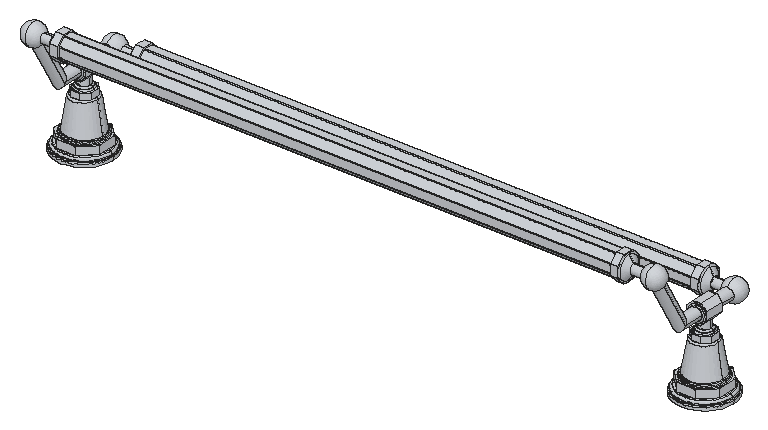
Revit family "Accessory-Towel_Bar-KOHLER-Pinstripe-K-13117_1", category Specialty Equipment, host Face, Revit 2015
Parameters (values of type "CP-Polished Chrome")
  Width = 24"  # constant formula
  WaterSense Certified = 1 = 0  # no
  URL = "https://www.us.kohler.com/us/"
  Type = 1
  Product Page URL = "http://www.us.kohler.com/us/catalog/productDetails.jsp?productNumber=13117"
  Product Name = "Pinstripe"  # constant formula
  Product Documentation Link = "https://www.us.kohler.com/webassets/kpna/catalog/pdf/en/K-13117_spec.pdf"
  Model = if(Type = 1, "K-13117-CP", if(Type = 2, "K-13117-SN", if(Type = 3, "K-13117-BN", "NA")))  # "K-13117-CP"
  Material = "Premium Metal Construction"  # constant formula
  MasterFormat 2004 = "10.28.13"  # constant formula
  MasterFormat 1995 = "10820"  # constant formula
  Manufacturer Address = "444 Highland Dr, Kohler, WI 53044"  # constant formula
  Manufacturer = "KOHLER Co."  # constant formula
  Length = 5 9/16"  # constant formula
  Height = 4 7/8"  # constant formula
  Finish = Kohler-Metal-CP-Polished_Chrome
  Environmental Product Declaration = ""
  Description = "24 Inches Double towel bar"  # constant formula
  Default Elevation = 42"
  Declare Label = ""
  Date Modified = "06/10/2019"  # constant formula
  Date Created = "06/10/2019"  # constant formula
  Copyright = "Copyright KOHLER Co."  # constant formula
  Contact Us = "https://www.us.kohler.com/us/static/contact.jsp"
  Assembly Code = "C1030200"
  ADA Compliant = 1 = 0  # no
Reference planes (in)
  plane 1 "Center (Front/Back)": y = 0
  plane 2: z = 0
  plane 3 "Center (Left/Right)": x = 0
  plane 4: x = 13.125
  plane 5: x = 10.875
  plane 6: y = 1.95019
  plane 7: y = -1.1251
  plane 8: y = -2.92481
  plane 9: y = 1.1251
  plane 10: x = -13.125
  plane 11: x = -13.125
  plane 12: x = -10.875
  plane 13: z = 5.5625
  plane 14: x = 12
  plane 15: x = -12
Dimensions and locks (in)
  plane 11 to plane 4 = 26 1/4"
  "Height": plane 8 to plane 6
  "Length": plane 13 to level
  "Width": plane 15 to plane 14
  aligned and locked: plane 2 to host face
  aligned and locked: level to host face
Automatic sketch dimensions
  host sketch curve to host sketch curve = 96"  (x2)
Nested families (in)
  nested 1: "K-13117" at (0, 0, 0), type "K-13117"
Definition of nested family "K-13117"
  Parameters (values of type "K-13117")
    Material = none
  Reference planes (in)
    plane 1 "Center (Front/Back)": y = 0
    plane 2: z = 0
    plane 3 "Center (Left/Right)": x = 0
    plane 4: x = -13.125
    plane 5: x = 13.125
    plane 6: x = -12
    plane 7: x = 12
    plane 8: z = 5.5625
    plane 9: y = 1.1251
    plane 10: y = -1.1251
    plane 11: y = 1.95019
    plane 12: y = -2.92482
    plane 13: x = -10.875
    plane 14: x = 10.875
  Forms (in)
    Revolve 1, solid, material <- "Material", detail levels medium+fine
      sketch origin (0, 0, 0) x (1, 0, 0) y (0, 0, 1)
        loop
          line (-12, 0) -> (-10.87419, 0) -> (-10.87419, 0.10969)
          arc (-10.87419, 0.10969) -> (-10.88014, 0.12405) -> (-10.8945, 0.13) r 0.02031
          line (-10.8945, 0.13) -> (-10.92535, 0.13)
          arc (-10.92535, 0.13) -> (-10.93935, 0.1358) -> (-10.94514, 0.14979) r 0.01979
          line (-10.94514, 0.14979) -> (-10.94514, 0.1812)
          arc (-10.94514, 0.1812) -> (-10.96395, 0.2362) -> (-11.01251, 0.26816) r 0.08982
          arc (-11.01251, 0.26816) -> (-11.03027, 0.27986) -> (-11.03716, 0.29998) r 0.03286
          line (-11.03716, 0.29998) -> (-11.03716, 0.56622)
          arc (-11.03716, 0.56622) -> (-11.04705, 0.59011) -> (-11.07094, 0.6) r 0.03378
          line (-11.07094, 0.6) -> (-11.17843, 0.6)
          arc (-11.17843, 0.6) -> (-11.19318, 0.60611) -> (-11.19929, 0.62086) r 0.02086
          line (-11.19929, 0.62086) -> (-11.19929, 0.67041)
          arc (-11.19929, 0.67041) -> (-11.20503, 0.68426) -> (-11.21888, 0.69) r 0.01959
          line (-11.21888, 0.69) -> (-11.25432, 0.69)
          arc (-11.25432, 0.69) -> (-11.27324, 0.69693) -> (-11.28321, 0.71443) r 0.02929
          line (-11.28321, 0.71443) -> (-11.47932, 1.88167)
          arc (-11.47932, 1.88167) -> (-11.49474, 1.915) -> (-11.52496, 1.93587) r 0.06967
          line (-11.52496, 1.93587) -> (-11.52496, 2.15991) -> (-11.61072, 2.15991)
          arc (-11.61072, 2.15991) -> (-11.62747, 2.16688) -> (-11.63432, 2.18368) r 0.0236
          arc (-11.63432, 2.18368) -> (-11.64378, 2.21022) -> (-11.6681, 2.22444) r 0.04111
          arc (-11.6681, 2.22444) -> (-11.68893, 2.23545) -> (-11.69963, 2.25644) r 0.03901
          arc (-11.69963, 2.25644) -> (-11.71564, 2.28234) -> (-11.74522, 2.28955) r 0.04012
          arc (-11.74522, 2.28955) -> (-11.76568, 2.29543) -> (-11.77455, 2.31478) r 0.02552
          line (-11.77455, 2.31478) -> (-11.77455, 2.83343) -> (-12, 2.83343) -> (-12, 0)
        axis (-12, 2.83343) -> (-12, 0)
      angle from 0 to 360
    Extrusion 2, void
      sketch origin (0, 0, 0) x (1, 0, 0) y (0, 1, 0)
        loop
          line (-11.57921, 0.17408) -> (-11.82524, 0.42011) -> (-12.17318, 0.42011) -> (-12.41921, 0.17408) -> (-12.41921, -0.17386) -> (-12.17318, -0.41989) -> (-11.82524, -0.41989) -> (-11.57921, -0.17386) -> (-11.57921, 0.17408)
        loop
          circle (-12, 0) r 0.52457
      from 1.93587 to 2.21501
    Extrusion 3, void
      sketch origin (0, 0, 0) x (1, 0, 0) y (0, 1, 0)
        loop
          line (-12.87921, 0.36461) -> (-12.87921, -0.3644) -> (-12.36372, -0.87989) -> (-11.6347, -0.87989) -> (-11.11921, -0.3644) -> (-11.11921, 0.36461) -> (-11.6347, 0.88011) -> (-12.36372, 0.88011) -> (-12.87921, 0.36461)
        loop
          circle (-12, 0) r 1.1251
      from 0.29028 to 0.65053
    Revolve 4, solid, material <- "Material", detail levels medium+fine
      sketch origin (0, 0, 0) x (-1, 0, 0) y (0, 0, 1)
        loop
          line (-12, 0) -> (-10.87419, 0) -> (-10.87419, 0.10969)
          arc (-10.87419, 0.10969) -> (-10.88014, 0.12405) -> (-10.8945, 0.13) r 0.02031
          line (-10.8945, 0.13) -> (-10.92535, 0.13)
          arc (-10.92535, 0.13) -> (-10.93935, 0.1358) -> (-10.94514, 0.14979) r 0.01979
          line (-10.94514, 0.14979) -> (-10.94514, 0.1812)
          arc (-10.94514, 0.1812) -> (-10.96395, 0.2362) -> (-11.01251, 0.26816) r 0.08982
          arc (-11.01251, 0.26816) -> (-11.03027, 0.27986) -> (-11.03716, 0.29998) r 0.03286
          line (-11.03716, 0.29998) -> (-11.03716, 0.56622)
          arc (-11.03716, 0.56622) -> (-11.04705, 0.59011) -> (-11.07094, 0.6) r 0.03378
          line (-11.07094, 0.6) -> (-11.17843, 0.6)
          arc (-11.17843, 0.6) -> (-11.19318, 0.60611) -> (-11.19929, 0.62086) r 0.02086
          line (-11.19929, 0.62086) -> (-11.19929, 0.67041)
          arc (-11.19929, 0.67041) -> (-11.20503, 0.68426) -> (-11.21888, 0.69) r 0.01959
          line (-11.21888, 0.69) -> (-11.25432, 0.69)
          arc (-11.25432, 0.69) -> (-11.27324, 0.69693) -> (-11.28321, 0.71443) r 0.02929
          line (-11.28321, 0.71443) -> (-11.47932, 1.88167)
          arc (-11.47932, 1.88167) -> (-11.49474, 1.915) -> (-11.52496, 1.93587) r 0.06967
          line (-11.52496, 1.93587) -> (-11.52496, 2.15991) -> (-11.61072, 2.15991)
          arc (-11.61072, 2.15991) -> (-11.62747, 2.16688) -> (-11.63432, 2.18368) r 0.0236
          arc (-11.63432, 2.18368) -> (-11.64378, 2.21022) -> (-11.6681, 2.22444) r 0.04111
          arc (-11.6681, 2.22444) -> (-11.68893, 2.23545) -> (-11.69963, 2.25644) r 0.03901
          arc (-11.69963, 2.25644) -> (-11.71564, 2.28234) -> (-11.74522, 2.28955) r 0.04012
          arc (-11.74522, 2.28955) -> (-11.76568, 2.29543) -> (-11.77455, 2.31478) r 0.02552
          line (-11.77455, 2.31478) -> (-11.77455, 2.83343) -> (-12, 2.83343) -> (-12, 0)
        axis (-12, 2.83343) -> (-12, 0)
      angle from 0 to 360
    Extrusion 5, void
      sketch origin (0, 0, 0) x (-1, 0, 0) y (0, -1, 0)
        loop
          line (-11.57921, -0.17408) -> (-11.57921, 0.17386) -> (-11.82524, 0.41989) -> (-12.17318, 0.41989) -> (-12.41921, 0.17386) -> (-12.41921, -0.17408) -> (-12.17318, -0.42011) -> (-11.82524, -0.42011) -> (-11.57921, -0.17408)
        loop
          circle (-12, 0) r 0.52457
      from 1.93587 to 2.21501
    Extrusion 6, void
      sketch origin (0, 0, 0) x (-1, 0, 0) y (0, -1, 0)
        loop
          line (-12.87921, -0.36461) -> (-12.36372, -0.88011) -> (-11.6347, -0.88011) -> (-11.11921, -0.36461) -> (-11.11921, 0.3644) -> (-11.6347, 0.87989) -> (-12.36372, 0.87989) -> (-12.87921, 0.3644) -> (-12.87921, -0.36461)
        loop
          circle (-12, 0) r 1.1251
      from 0.29028 to 0.65053
    Revolve 7, solid, material <- "Material", detail levels medium+fine
      sketch origin (12, 0, 0) x (0, 1, 0) y (0, 0, 1)
        loop
          line (0.44089, 2.915) -> (0.44089, 3.18244)
          arc (0.44089, 3.18244) -> (0.43147, 3.2053) -> (0.40867, 3.21487) r 0.03243
          arc (0.40867, 3.21487) -> (0.38477, 3.22489) -> (0.37489, 3.24885) r 0.03398
          line (0.37489, 3.24885) -> (0.37489, 3.39156) -> (-0.37489, 3.39156) -> (-0.37489, 3.24885)
          arc (-0.37489, 3.24885) -> (-0.38477, 3.22489) -> (-0.40867, 3.21487) r 0.03398
          arc (-0.40867, 3.21487) -> (-0.43147, 3.2053) -> (-0.44089, 3.18244) r 0.03243
          line (-0.44089, 3.18244) -> (-0.44089, 2.915) -> (0.44089, 2.915)
        axis (0.44089, 2.915) -> (-0.44089, 2.915)
      angle from 0 to 360
    Extrusion 8, void
      sketch origin (0, 0, 0) x (1, 0, 0) y (0, 0, 1)
        loop
          line (12.15435, 3.29003) -> (11.84396, 3.28933) -> (11.62497, 3.06935) -> (11.62567, 2.75896) -> (11.84565, 2.53997) -> (12.15604, 2.54067) -> (12.37503, 2.76065) -> (12.37433, 3.07104) -> (12.15435, 3.29003)
        loop
          circle (12, 2.915) r 0.5
      from -0.53575 to 0.44089
    Extrusion 9, void
      sketch origin (0, 0, 0) x (-1, 0, 0) y (0, 0, -1)
        loop
          line (12.15435, -3.29003) -> (12.37433, -3.07104) -> (12.37503, -2.76065) -> (12.15604, -2.54067) -> (11.84565, -2.53997) -> (11.62567, -2.75896) -> (11.62497, -3.06935) -> (11.84396, -3.28933) -> (12.15435, -3.29003)
        loop
          circle (12, -2.915) r 0.5
      from -0.53575 to 0.44089
    Revolve 10, solid, material <- "Material", detail levels medium+fine
      sketch origin (-12, 0, 0) x (0, 1, 0) y (0, 0, -1)
        loop
          line (0.44089, -2.915) -> (-0.44089, -2.915) -> (-0.44089, -3.18244)
          arc (-0.44089, -3.18244) -> (-0.43147, -3.2053) -> (-0.40867, -3.21487) r 0.03243
          arc (-0.40867, -3.21487) -> (-0.38477, -3.22489) -> (-0.37489, -3.24885) r 0.03398
          line (-0.37489, -3.24885) -> (-0.37489, -3.39156) -> (0.37489, -3.39156) -> (0.37489, -3.24885)
          arc (0.37489, -3.24885) -> (0.38477, -3.22489) -> (0.40867, -3.21487) r 0.03398
          arc (0.40867, -3.21487) -> (0.43147, -3.2053) -> (0.44089, -3.18244) r 0.03243
          line (0.44089, -3.18244) -> (0.44089, -2.915)
        axis (0.44089, -2.915) -> (-0.44089, -2.915)
      angle from 0 to 360
    Extrusion 11, solid, material <- "Material", detail levels medium+fine
      sketch origin (0, -0.01758, 0.04272) x (0, 1, 0) y (0, 0, 1)
        loop
          line (-2.24997, 5.46466) -> (-2.58104, 5.46466)
          arc (-2.58104, 5.46466) -> (-2.59748, 5.46139) -> (-2.61142, 5.45207) r 0.04297
          line (-2.61142, 5.45207) -> (-2.84778, 5.21572)
          arc (-2.84778, 5.21572) -> (-2.85709, 5.20178) -> (-2.86036, 5.18533) r 0.04297
          line (-2.86036, 5.18533) -> (-2.86036, 4.85312)
          arc (-2.86036, 4.85312) -> (-2.85709, 4.83668) -> (-2.84778, 4.82274) r 0.04297
          line (-2.84778, 4.82274) -> (-2.6124, 4.58736)
          arc (-2.6124, 4.58736) -> (-2.59846, 4.57804) -> (-2.58201, 4.57477) r 0.04297
          line (-2.58201, 4.57477) -> (-2.24937, 4.57477)
          arc (-2.24937, 4.57477) -> (-2.23293, 4.57804) -> (-2.21899, 4.58736) r 0.04297
          line (-2.21899, 4.58736) -> (-1.98295, 4.8234)
          arc (-1.98295, 4.8234) -> (-1.97356, 4.83745) -> (-1.97026, 4.85403) r 0.04332
          line (-1.97026, 4.85403) -> (-1.97026, 5.18555)
          arc (-1.97026, 5.18555) -> (-1.97353, 5.20199) -> (-1.98284, 5.21593) r 0.04297
          line (-1.98284, 5.21593) -> (-2.21856, 5.45165)
          arc (-2.21856, 5.45165) -> (-2.23297, 5.46128) -> (-2.24997, 5.46466) r 0.04441
      from -10.82913 to 10.69724
    Extrusion 12, solid, material <- "Material", detail levels medium+fine
      sketch origin (0, 3.86825, -2.10508) x (0, 1, 0) y (0, 0, 1)
        loop
          line (-2.24997, 5.46466) -> (-2.58104, 5.46466)
          arc (-2.58104, 5.46466) -> (-2.59748, 5.46139) -> (-2.61142, 5.45207) r 0.04297
          line (-2.61142, 5.45207) -> (-2.84756, 5.21593)
          arc (-2.84756, 5.21593) -> (-2.85688, 5.20199) -> (-2.86015, 5.18555) r 0.04297
          line (-2.86015, 5.18555) -> (-2.86015, 4.85291)
          arc (-2.86015, 4.85291) -> (-2.85688, 4.83646) -> (-2.84756, 4.82252) r 0.04297
          line (-2.84756, 4.82252) -> (-2.6124, 4.58736)
          arc (-2.6124, 4.58736) -> (-2.59846, 4.57804) -> (-2.58201, 4.57477) r 0.04297
          line (-2.58201, 4.57477) -> (-2.24937, 4.57477)
          arc (-2.24937, 4.57477) -> (-2.23293, 4.57804) -> (-2.21899, 4.58736) r 0.04297
          line (-2.21899, 4.58736) -> (-1.98295, 4.8234)
          arc (-1.98295, 4.8234) -> (-1.97356, 4.83745) -> (-1.97026, 4.85403) r 0.04332
          line (-1.97026, 4.85403) -> (-1.97026, 5.18555)
          arc (-1.97026, 5.18555) -> (-1.97353, 5.20199) -> (-1.98284, 5.21593) r 0.04297
          line (-1.98284, 5.21593) -> (-2.21856, 5.45165)
          arc (-2.21856, 5.45165) -> (-2.23297, 5.46128) -> (-2.24997, 5.46466) r 0.04441
      from -10.82913 to 10.69724
    Revolve 13, solid, material <- "Material", detail levels medium+fine
      sketch origin (12, -3.88447, 2.14985) x (0, 1, 0) y (0, 0, 1)
        loop
          line (1.03785, 2.915) -> (1.86252, 2.915)
          arc (1.86252, 2.915) -> (1.45019, 3.32733) -> (1.03785, 2.915) r 0.41233
        axis (1.03785, 2.915) -> (1.86252, 2.915)
      angle from 0 to 360
    Revolve 14, solid, material <- "Material", detail levels medium+fine
      sketch origin (-12, 0.00781, 0) x (0, 1, 0) y (0, 0, -1)
        loop
          arc (1.03785, -2.915) -> (1.45019, -3.32733) -> (1.86252, -2.915) r 0.41233
          line (1.86252, -2.915) -> (1.03785, -2.915)
        axis (1.03785, -2.915) -> (1.86252, -2.915)
      angle from 0 to 360
    Revolve 15, solid, material <- "Material", detail levels medium+fine
      sketch origin (-12, -3.88252, 2.14985) x (0, 1, 0) y (0, 0, -1)
        loop
          arc (1.03785, -2.915) -> (1.45019, -3.32733) -> (1.86252, -2.915) r 0.41233
          line (1.86252, -2.915) -> (1.03785, -2.915)
        axis (1.03785, -2.915) -> (1.86252, -2.915)
      angle from 0 to 360
    Revolve 16, solid, material <- "Material", detail levels medium+fine
      sketch origin (0, -2.43671, 0.04272) x (1, 0, 0) y (0, 0, 1)
        loop
          line (-10.69714, 5.01972) -> (-10.69714, 5.65737) -> (-10.9966, 5.65737) -> (-10.9966, 5.52753)
          arc (-10.9966, 5.52753) -> (-11.00026, 5.49437) -> (-11.01493, 5.46442) r 0.09699
          line (-11.01493, 5.46442) -> (-11.19644, 5.2146)
          arc (-11.19644, 5.2146) -> (-11.20933, 5.20359) -> (-11.22581, 5.19963) r 0.03631
          line (-11.22581, 5.19963) -> (-11.76227, 5.19963) -> (-11.76227, 5.01972) -> (-10.69714, 5.01972)
        axis (-11.76227, 5.01972) -> (-10.69714, 5.01972)
      angle from 0 to 360
    Extrusion 17, void
      sketch origin (0, -0.00961, 0.04272) x (0, 1, 0) y (0, 0, 1)
        loop
          line (-2.2081, 5.51972) -> (-2.62231, 5.51972) -> (-2.9152, 5.22682) -> (-2.9152, 4.81261) -> (-2.62231, 4.51972) -> (-2.2081, 4.51972) -> (-1.9152, 4.81261) -> (-1.9152, 5.22682) -> (-2.2081, 5.51972)
        loop
          circle (-2.41983, 5.02049) r 0.75
      from -11.11921 to -10.69724
    Extrusion 18, void
      sketch origin (0, -0.00961, 0.04272) x (0, 1, 0) y (0, 0, -1)
        loop
          line (-2.2081, -5.51972) -> (-1.9152, -5.22682) -> (-1.9152, -4.81261) -> (-2.2081, -4.51972) -> (-2.62231, -4.51972) -> (-2.9152, -4.81261) -> (-2.9152, -5.22682) -> (-2.62231, -5.51972) -> (-2.2081, -5.51972)
        loop
          circle (-2.41983, -5.02049) r 0.75
      from -11.11921 to -10.69724
    Revolve 19, solid, material <- "Material", detail levels medium+fine
      sketch origin (0, -2.43461, 0.04272) x (-1, 0, 0) y (0, 0, -1)
        loop
          line (-10.69714, -5.01972) -> (-11.76227, -5.01972) -> (-11.76227, -5.19963) -> (-11.22581, -5.19963)
          arc (-11.22581, -5.19963) -> (-11.20933, -5.20359) -> (-11.19644, -5.2146) r 0.03631
          line (-11.19644, -5.2146) -> (-11.01493, -5.46442)
          arc (-11.01493, -5.46442) -> (-11.00026, -5.49437) -> (-10.9966, -5.52753) r 0.09699
          line (-10.9966, -5.52753) -> (-10.9966, -5.65737) -> (-10.69714, -5.65737) -> (-10.69714, -5.01972)
        axis (-11.76227, -5.01972) -> (-10.69714, -5.01972)
      angle from 0 to 360
    Revolve 20, solid, material <- "Material", detail levels medium+fine
      sketch origin (0, 1.45079, -2.11327) x (1, 0, 0) y (0, 0, 1)
        loop
          line (-10.69714, 5.01972) -> (-10.69714, 5.65737) -> (-10.9966, 5.65737) -> (-10.9966, 5.52753)
          arc (-10.9966, 5.52753) -> (-11.00026, 5.49437) -> (-11.01493, 5.46442) r 0.09699
          line (-11.01493, 5.46442) -> (-11.19644, 5.2146)
          arc (-11.19644, 5.2146) -> (-11.20933, 5.20359) -> (-11.22581, 5.19963) r 0.03631
          line (-11.22581, 5.19963) -> (-11.76227, 5.19963) -> (-11.76227, 5.01972) -> (-10.69714, 5.01972)
        axis (-11.76227, 5.01972) -> (-10.69714, 5.01972)
      angle from 0 to 360
    Extrusion 21, void
      sketch origin (0, 3.86539, -2.11327) x (0, 1, 0) y (0, 0, 1)
        loop
          line (-2.2081, 5.51972) -> (-2.62231, 5.51972) -> (-2.9152, 5.22682) -> (-2.9152, 4.81261) -> (-2.62231, 4.51972) -> (-2.2081, 4.51972) -> (-1.9152, 4.81261) -> (-1.9152, 5.22682) -> (-2.2081, 5.51972)
        loop
          circle (-2.41983, 5.02049) r 0.75
      from -11.11921 to -10.69724
    Revolve 22, solid, material <- "Material", detail levels medium+fine
      sketch origin (0, 1.45065, -2.11327) x (-1, 0, 0) y (0, 0, -1)
        loop
          line (-10.69714, -5.01972) -> (-11.76227, -5.01972) -> (-11.76227, -5.19963) -> (-11.22581, -5.19963)
          arc (-11.22581, -5.19963) -> (-11.20933, -5.20359) -> (-11.19644, -5.2146) r 0.03631
          line (-11.19644, -5.2146) -> (-11.01493, -5.46442)
          arc (-11.01493, -5.46442) -> (-11.00026, -5.49437) -> (-10.9966, -5.52753) r 0.09699
          line (-10.9966, -5.52753) -> (-10.9966, -5.65737) -> (-10.69714, -5.65737) -> (-10.69714, -5.01972)
        axis (-11.76227, -5.01972) -> (-10.69714, -5.01972)
      angle from 0 to 360
    Extrusion 23, void
      sketch origin (0, 3.86539, -2.11327) x (0, 1, 0) y (0, 0, -1)
        loop
          line (-2.2081, -5.51972) -> (-1.9152, -5.22682) -> (-1.9152, -4.81261) -> (-2.2081, -4.51972) -> (-2.62231, -4.51972) -> (-2.9152, -4.81261) -> (-2.9152, -5.22682) -> (-2.62231, -5.51972) -> (-2.2081, -5.51972)
        loop
          circle (-2.41983, -5.02049) r 0.75
      from -11.11921 to -10.69724
    Revolve 24, solid, material <- "Material", detail levels medium+fine
      sketch origin (12, 0.00781, 0) x (0, 1, 0) y (0, 0, 1)
        loop
          line (1.03785, 2.915) -> (1.86252, 2.915)
          arc (1.86252, 2.915) -> (1.45019, 3.32733) -> (1.03785, 2.915) r 0.41233
        axis (1.03785, 2.915) -> (1.86252, 2.915)
      angle from 0 to 360
    Sweep 25, solid, material <- "Material", detail levels medium+fine
      path origin (0, 0, 0) x (0, 1, 0) y (0, 0, 1)
        loop
          line (-2.64944, 4.97569) -> (-1.33023, 2.69075) -> (1.67277, 2.69075)
      profile origin (0, 0.17127, 2.69075) x (0, 0, 1) y (1, 0, 0)
        loop
          circle (0.22665, -12) r 0.22744
    Sweep 26, solid, material <- "Material", detail levels medium+fine
      path origin (0, 0, 0) x (0, 1, 0) y (0, 0, -1)
        loop
          line (-2.64944, -4.97569) -> (-1.33023, -2.69075) -> (1.67277, -2.69075)
      profile origin (0, 0.17127, 2.69075) x (0, 0, -1) y (-1, 0, 0)
        loop
          circle (-0.22665, -12) r 0.22744
    Extrusion 27, solid, material <- "Material", detail levels coarse
      sketch origin (0, 0, 0) x (1, 0, 0) y (0, 1, 0)
        loop
          circle (-12, 0) r 1.12581
        loop
          circle (12, 0) r 1.12581
      from 0 to 0.6
    Extrusion 28, solid, material <- "Material", detail levels coarse
      sketch origin (0, 0, 0) x (1, 0, 0) y (0, 1, 0)
        loop
          circle (12, 0) r 0.8017
        loop
          circle (-12, 0) r 0.96431
      from 0 to 2.15991
    Extrusion 29, solid, material <- "Material", detail levels coarse
      sketch origin (0, 0, 0) x (1, 0, 0) y (0, 1, 0)
        loop
          circle (12, 0) r 0.22545
        loop
          circle (-12, 0) r 0.22545
      from 1.93587 to 3.00743
    Sweep 30, solid, material <- "Material", detail levels coarse
      path origin (0, 0.00323, 0.00555) x (0, 1, 0) y (0, 0, 1)
        loop
          line (-2.64944, 4.97569) -> (-1.33023, 2.69075) -> (1.45615, 2.69075)
      profile origin (0, 0.0662, 2.6963) x (0, 0, 1) y (1, 0, 0)
        loop
          circle (0.22602, 12) r 0.22247
    Sweep 31, solid, material <- "Material", detail levels coarse
      path origin (-24.0005, 0.00323, 0.00555) x (0, 1, 0) y (0, 0, 1)
        loop
          line (-2.64944, 4.97569) -> (-1.33023, 2.69075) -> (1.45601, 2.69075)
      profile origin (-24.0005, 0.06613, 2.6963) x (0, 0, 1) y (1, 0, 0)
        loop
          circle (0.22602, 12) r 0.22247
    Extrusion 32, solid, material <- "Material", detail levels coarse
      sketch origin (0, 0, 0) x (1, 0, 0) y (0, 0, 1)
        loop
          circle (-12.0005, 2.92232) r 0.4043
        loop
          circle (12.0005, 2.92232) r 0.4043
      from -0.42011 to 0.41989
    Extrusion 33, solid, material <- "Material", detail levels coarse
      sketch origin (0, 0, 0) x (0, 1, 0) y (0, 0, 1)
        loop
          circle (-2.43671, 5.06244) r 0.47632
        loop
          circle (1.45065, 2.90645) r 0.48449
      from -10.9966 to 10.9966
    Extrusion 34, solid, material <- "Material", detail levels coarse
      sketch origin (0, 0, 0) x (0, 1, 0) y (0, 0, 1)
        loop
          circle (-2.43671, 5.06244) r 0.25
        loop
          circle (1.44766, 2.89707) r 0.25
      from -12.23398 to 12.2327
  Cuts and joins
    Extrusion 2, Extrusion 3, Extrusion 5, Extrusion 6 cuts Revolve 1
    Extrusion 5, Extrusion 6, Extrusion 9 cuts Revolve 4
    Extrusion 8, Extrusion 9 cuts Revolve 7
    Extrusion 9 cuts Revolve 10
    Extrusion 17, Extrusion 18 cuts Revolve 16
    Extrusion 18 cuts Revolve 19
    Extrusion 21 cuts Revolve 20
    Extrusion 23 cuts Revolve 22
    joined: Revolve 1, Revolve 4, Revolve 7, Revolve 10, Extrusion 11, Extrusion 12, Revolve 13, Revolve 14, Revolve 15, Revolve 16, Revolve 19, Revolve 20, Revolve 22, Revolve 24, Sweep 25, Sweep 26
    joined: Extrusion 27, Extrusion 28, Extrusion 29, Sweep 30, Sweep 31, Extrusion 32, Extrusion 33, Extrusion 34
  Lines and regions (in)
    Masking region 1
      outline origin (0, 0, 0) x (0, 1, 0) y (0, 0, 1)
        loop
          line (1.12581, 0) -> (1.12581, 0.10969)
          arc (1.12581, 0.10969) -> (1.11986, 0.12405) -> (1.1055, 0.13) r 0.02031
          line (1.1055, 0.13) -> (1.07465, 0.13)
          arc (1.07465, 0.13) -> (1.06065, 0.1358) -> (1.05486, 0.14979) r 0.01979
          line (1.05486, 0.14979) -> (1.05486, 0.1812)
          arc (1.05486, 0.1812) -> (1.03605, 0.2362) -> (0.98749, 0.26816) r 0.08982
          arc (0.98749, 0.26816) -> (0.97302, 0.27621) -> (0.96431, 0.29028) r 0.03286
          line (0.96431, 0.29028) -> (0.88011, 0.29028) -> (0.88011, 0.57135)
          arc (0.88011, 0.57135) -> (0.85623, 0.57627) -> (0.83227, 0.58071) r 1.2178
          arc (0.83227, 0.58071) -> (0.80938, 0.59836) -> (0.80071, 0.62594) r 0.0482
          line (0.80071, 0.62594) -> (0.80071, 0.67041)
          arc (0.80071, 0.67041) -> (0.79497, 0.68426) -> (0.78112, 0.69) r 0.01959
          line (0.78112, 0.69) -> (0.74568, 0.69)
          arc (0.74568, 0.69) -> (0.72676, 0.69693) -> (0.71679, 0.71443) r 0.02929
          line (0.71679, 0.71443) -> (0.52068, 1.88167)
          arc (0.52068, 1.88167) -> (0.50526, 1.915) -> (0.47504, 1.93587) r 0.06967
          line (0.47504, 1.93587) -> (0.42011, 1.93587) -> (0.42011, 2.15991) -> (0.38928, 2.15991)
          arc (0.38928, 2.15991) -> (0.37253, 2.16688) -> (0.36568, 2.18368) r 0.0236
          arc (0.36568, 2.18368) -> (0.35622, 2.21022) -> (0.3319, 2.22444) r 0.04111
          arc (0.3319, 2.22444) -> (0.31107, 2.23545) -> (0.30037, 2.25644) r 0.03901
          arc (0.30037, 2.25644) -> (0.28436, 2.28234) -> (0.25478, 2.28955) r 0.04012
          arc (0.25478, 2.28955) -> (0.23432, 2.29543) -> (0.22545, 2.31478) r 0.02552
          line (0.22545, 2.31478) -> (0.22545, 2.53997) -> (0.37358, 2.53997)
          arc (0.37358, 2.53997) -> (0.3815, 2.57343) -> (0.38669, 2.60743) r 0.42368
          arc (0.38669, 2.60743) -> (0.39944, 2.61964) -> (0.41652, 2.62408) r 0.03504
          arc (0.41652, 2.62408) -> (0.43375, 2.63122) -> (0.44089, 2.64846) r 0.02438
          line (0.44089, 2.64846) -> (0.44089, 2.68997) -> (0.95956, 2.68997) -> (1.24308, 2.40645) -> (1.65729, 2.40645) -> (1.95019, 2.69934) -> (1.95019, 3.11356) -> (1.65729, 3.40645) -> (1.24308, 3.40645) -> (0.95983, 3.1232) -> (0.44089, 3.1232) -> (0.44089, 3.18635)
          arc (0.44089, 3.18635) -> (0.43375, 3.20358) -> (0.41652, 3.21072) r 0.02438
          arc (0.41652, 3.21072) -> (0.39944, 3.21517) -> (0.38669, 3.22738) r 0.03504
          arc (0.38669, 3.22738) -> (0.38204, 3.25857) -> (0.37508, 3.28933) r 0.42368
          line (0.37508, 3.28933) -> (-0.37508, 3.28933)
          arc (-0.37508, 3.28933) -> (-0.38204, 3.25857) -> (-0.38669, 3.22738) r 0.42368
          arc (-0.38669, 3.22738) -> (-0.39944, 3.21517) -> (-0.41652, 3.21072) r 0.03504
          arc (-0.41652, 3.21072) -> (-0.43375, 3.20358) -> (-0.44089, 3.18635) r 0.02438
          line (-0.44089, 3.18635) -> (-0.44089, 3.14484) -> (-1.06809, 3.14484) -> (-2.00776, 4.77239) -> (-1.92482, 4.85533) -> (-1.92482, 5.26955) -> (-2.21771, 5.56244) -> (-2.63192, 5.56244) -> (-2.92482, 5.26955) -> (-2.92482, 4.85533) -> (-2.63192, 4.56244) -> (-2.41175, 4.56244) -> (-1.33068, 2.68997) -> (-0.44089, 2.68997) -> (-0.44089, 2.64846)
          arc (-0.44089, 2.64846) -> (-0.43375, 2.63122) -> (-0.41652, 2.62408) r 0.02438
          arc (-0.41652, 2.62408) -> (-0.39944, 2.61964) -> (-0.38669, 2.60743) r 0.03504
          arc (-0.38669, 2.60743) -> (-0.3815, 2.57343) -> (-0.37358, 2.53997) r 0.42368
          line (-0.37358, 2.53997) -> (-0.22545, 2.53997) -> (-0.22545, 2.31478)
          arc (-0.22545, 2.31478) -> (-0.23432, 2.29543) -> (-0.25478, 2.28955) r 0.02552
          arc (-0.25478, 2.28955) -> (-0.28436, 2.28234) -> (-0.30037, 2.25644) r 0.04012
          arc (-0.30037, 2.25644) -> (-0.31107, 2.23545) -> (-0.3319, 2.22444) r 0.03901
          arc (-0.3319, 2.22444) -> (-0.35622, 2.21022) -> (-0.36568, 2.18368) r 0.04111
          arc (-0.36568, 2.18368) -> (-0.37253, 2.16688) -> (-0.38928, 2.15991) r 0.0236
          line (-0.38928, 2.15991) -> (-0.42011, 2.15991) -> (-0.42011, 1.93587) -> (-0.47504, 1.93587)
          arc (-0.47504, 1.93587) -> (-0.50526, 1.915) -> (-0.52068, 1.88167) r 0.06967
          line (-0.52068, 1.88167) -> (-0.71679, 0.71443)
          arc (-0.71679, 0.71443) -> (-0.72676, 0.69693) -> (-0.74568, 0.69) r 0.02929
          line (-0.74568, 0.69) -> (-0.78112, 0.69)
          arc (-0.78112, 0.69) -> (-0.79497, 0.68426) -> (-0.80071, 0.67041) r 0.01959
          line (-0.80071, 0.67041) -> (-0.80071, 0.62594)
          arc (-0.80071, 0.62594) -> (-0.80938, 0.59836) -> (-0.83227, 0.58071) r 0.0482
          arc (-0.83227, 0.58071) -> (-0.85623, 0.57627) -> (-0.88011, 0.57135) r 1.2178
          line (-0.88011, 0.57135) -> (-0.88011, 0.29028) -> (-0.96431, 0.29028)
          arc (-0.96431, 0.29028) -> (-0.97302, 0.27621) -> (-0.98749, 0.26816) r 0.03286
          arc (-0.98749, 0.26816) -> (-1.03605, 0.2362) -> (-1.05486, 0.1812) r 0.08982
          line (-1.05486, 0.1812) -> (-1.05486, 0.14979)
          arc (-1.05486, 0.14979) -> (-1.06065, 0.1358) -> (-1.07465, 0.13) r 0.01979
          line (-1.07465, 0.13) -> (-1.1055, 0.13)
          arc (-1.1055, 0.13) -> (-1.11986, 0.12405) -> (-1.12581, 0.10969) r 0.02031
          line (-1.12581, 0.10969) -> (-1.12581, 0) -> (1.12581, 0)
    Masking region 2
      outline origin (0, 0, 0) x (1, 0, 0) y (0, 0, 1)
        loop
          line (13.125, 0) -> (13.125, 0.10969)
          arc (13.125, 0.10969) -> (13.11905, 0.12405) -> (13.10469, 0.13) r 0.02031
          line (13.10469, 0.13) -> (13.07384, 0.13)
          arc (13.07384, 0.13) -> (13.05985, 0.1358) -> (13.05405, 0.14979) r 0.01979
          line (13.05405, 0.14979) -> (13.05405, 0.1812)
          arc (13.05405, 0.1812) -> (13.03524, 0.2362) -> (12.98668, 0.26816) r 0.08982
          arc (12.98668, 0.26816) -> (12.97221, 0.27621) -> (12.9635, 0.29028) r 0.03286
          line (12.9635, 0.29028) -> (12.88011, 0.29028) -> (12.88011, 0.57135)
          arc (12.88011, 0.57135) -> (12.85623, 0.57627) -> (12.83227, 0.58071) r 1.2178
          arc (12.83227, 0.58071) -> (12.80938, 0.59836) -> (12.80071, 0.62594) r 0.0482
          line (12.80071, 0.62594) -> (12.80071, 0.67041)
          arc (12.80071, 0.67041) -> (12.79497, 0.68426) -> (12.78112, 0.69) r 0.01959
          line (12.78112, 0.69) -> (12.74568, 0.69)
          arc (12.74568, 0.69) -> (12.72676, 0.69693) -> (12.71679, 0.71443) r 0.02929
          line (12.71679, 0.71443) -> (12.52068, 1.88167)
          arc (12.52068, 1.88167) -> (12.50526, 1.915) -> (12.47504, 1.93587) r 0.06967
          line (12.47504, 1.93587) -> (12.42011, 1.93587) -> (12.42011, 2.15991) -> (12.38928, 2.15991)
          arc (12.38928, 2.15991) -> (12.37253, 2.16688) -> (12.36568, 2.18368) r 0.0236
          arc (12.36568, 2.18368) -> (12.35622, 2.21022) -> (12.3319, 2.22444) r 0.04111
          arc (12.3319, 2.22444) -> (12.31107, 2.23545) -> (12.30037, 2.25644) r 0.03901
          arc (12.30037, 2.25644) -> (12.28436, 2.28234) -> (12.25478, 2.28955) r 0.04012
          arc (12.25478, 2.28955) -> (12.23432, 2.29543) -> (12.22545, 2.31478) r 0.02552
          line (12.22545, 2.31478) -> (12.22545, 2.56974)
          arc (12.22545, 2.56974) -> (12.41282, 2.91412) -> (12.2274, 3.25956) r 0.41231
          line (12.2274, 3.25956) -> (12.2274, 4.72084)
          arc (12.2274, 4.72084) -> (12.27354, 5.3793) -> (11.62783, 5.24236) r 0.4133
          line (11.62783, 5.24236) -> (11.22644, 5.24236)
          arc (11.22644, 5.24236) -> (11.20933, 5.24647) -> (11.19594, 5.2579) r 0.0377
          line (11.19594, 5.2579) -> (11.01495, 5.50702)
          arc (11.01495, 5.50702) -> (11.00141, 5.53333) -> (10.99642, 5.5625) r 0.09706
          line (10.99642, 5.5625) -> (10.69714, 5.5625) -> (10.69714, 5.50738) -> (-10.69633, 5.50738) -> (-10.69633, 5.5625) -> (-10.99561, 5.5625)
          arc (-10.99561, 5.5625) -> (-11.0006, 5.53333) -> (-11.01414, 5.50702) r 0.09706
          line (-11.01414, 5.50702) -> (-11.19514, 5.2579)
          arc (-11.19514, 5.2579) -> (-11.20852, 5.24647) -> (-11.22564, 5.24236) r 0.0377
          line (-11.22564, 5.24236) -> (-11.62702, 5.24236)
          arc (-11.62702, 5.24236) -> (-12.27273, 5.3793) -> (-12.22659, 4.72084) r 0.4133
          line (-12.22659, 4.72084) -> (-12.22659, 3.25956)
          arc (-12.22659, 3.25956) -> (-12.41201, 2.91412) -> (-12.22464, 2.56974) r 0.41231
          line (-12.22464, 2.56974) -> (-12.22464, 2.31478)
          arc (-12.22464, 2.31478) -> (-12.23352, 2.29543) -> (-12.25397, 2.28955) r 0.02552
          arc (-12.25397, 2.28955) -> (-12.28356, 2.28234) -> (-12.29956, 2.25644) r 0.04012
          arc (-12.29956, 2.25644) -> (-12.31026, 2.23545) -> (-12.33109, 2.22444) r 0.03901
          arc (-12.33109, 2.22444) -> (-12.35541, 2.21022) -> (-12.36487, 2.18368) r 0.04111
          arc (-12.36487, 2.18368) -> (-12.37172, 2.16688) -> (-12.38847, 2.15991) r 0.0236
          line (-12.38847, 2.15991) -> (-12.4193, 2.15991) -> (-12.4193, 1.93587) -> (-12.47423, 1.93587)
          arc (-12.47423, 1.93587) -> (-12.50445, 1.915) -> (-12.51987, 1.88167) r 0.06967
          line (-12.51987, 1.88167) -> (-12.71599, 0.71443)
          arc (-12.71599, 0.71443) -> (-12.72595, 0.69693) -> (-12.74487, 0.69) r 0.02929
          line (-12.74487, 0.69) -> (-12.78031, 0.69)
          arc (-12.78031, 0.69) -> (-12.79416, 0.68426) -> (-12.7999, 0.67041) r 0.01959
          line (-12.7999, 0.67041) -> (-12.7999, 0.62594)
          arc (-12.7999, 0.62594) -> (-12.80857, 0.59836) -> (-12.83146, 0.58071) r 0.0482
          arc (-12.83146, 0.58071) -> (-12.85543, 0.57627) -> (-12.8793, 0.57135) r 1.2178
          line (-12.8793, 0.57135) -> (-12.8793, 0.29028) -> (-12.9635, 0.29028)
          arc (-12.9635, 0.29028) -> (-12.97221, 0.27621) -> (-12.98668, 0.26816) r 0.03286
          arc (-12.98668, 0.26816) -> (-13.03524, 0.2362) -> (-13.05405, 0.1812) r 0.08982
          line (-13.05405, 0.1812) -> (-13.05405, 0.14979)
          arc (-13.05405, 0.14979) -> (-13.05985, 0.1358) -> (-13.07384, 0.13) r 0.01979
          line (-13.07384, 0.13) -> (-13.10469, 0.13)
          arc (-13.10469, 0.13) -> (-13.11905, 0.12405) -> (-13.125, 0.10969) r 0.02031
          line (-13.125, 0.10969) -> (-13.125, 0) -> (-10.875, 0) -> (-10.875, 0.10969)
          arc (-10.875, 0.10969) -> (-10.88095, 0.12405) -> (-10.89531, 0.13) r 0.02031
          line (-10.89531, 0.13) -> (-10.92604, 0.13)
          arc (-10.92604, 0.13) -> (-10.94003, 0.1358) -> (-10.94583, 0.14979) r 0.01979
          line (-10.94583, 0.14979) -> (-10.94583, 0.1812)
          arc (-10.94583, 0.1812) -> (-10.96464, 0.2362) -> (-11.01319, 0.26816) r 0.08982
          arc (-11.01319, 0.26816) -> (-11.02766, 0.27621) -> (-11.03638, 0.29028) r 0.03286
          line (-11.03638, 0.29028) -> (-11.11909, 0.29028) -> (-11.11909, 0.57135)
          arc (-11.11909, 0.57135) -> (-11.14296, 0.57627) -> (-11.16692, 0.58071) r 1.2178
          arc (-11.16692, 0.58071) -> (-11.18981, 0.59836) -> (-11.19848, 0.62594) r 0.0482
          line (-11.19848, 0.62594) -> (-11.19848, 0.67041)
          arc (-11.19848, 0.67041) -> (-11.20422, 0.68426) -> (-11.21807, 0.69) r 0.01959
          line (-11.21807, 0.69) -> (-11.25352, 0.69)
          arc (-11.25352, 0.69) -> (-11.27243, 0.69693) -> (-11.2824, 0.71443) r 0.02929
          line (-11.2824, 0.71443) -> (-11.47851, 1.88167)
          arc (-11.47851, 1.88167) -> (-11.49393, 1.915) -> (-11.52415, 1.93587) r 0.06967
          line (-11.52415, 1.93587) -> (-11.57909, 1.93587) -> (-11.57909, 2.15991) -> (-11.60991, 2.15991)
          arc (-11.60991, 2.15991) -> (-11.62666, 2.16688) -> (-11.63351, 2.18368) r 0.0236
          arc (-11.63351, 2.18368) -> (-11.64297, 2.21022) -> (-11.66729, 2.22444) r 0.04111
          arc (-11.66729, 2.22444) -> (-11.68813, 2.23545) -> (-11.69882, 2.25644) r 0.03901
          arc (-11.69882, 2.25644) -> (-11.71483, 2.28234) -> (-11.74441, 2.28955) r 0.04012
          arc (-11.74441, 2.28955) -> (-11.76487, 2.29543) -> (-11.77375, 2.31478) r 0.02552
          line (-11.77375, 2.31478) -> (-11.77375, 2.56974)
          arc (-11.77375, 2.56974) -> (-11.69277, 2.63882) -> (-11.63252, 2.72656) r 0.4062
          line (-11.63252, 2.72656) -> (-11.22564, 2.72656)
          arc (-11.22564, 2.72656) -> (-11.20852, 2.72232) -> (-11.19514, 2.71089) r 0.0377
          line (-11.19514, 2.71089) -> (-11.01414, 2.46177)
          arc (-11.01414, 2.46177) -> (-11.00061, 2.43548) -> (-10.99561, 2.40635) r 0.09706
          line (-10.99561, 2.40635) -> (-10.69633, 2.40635) -> (-10.69633, 2.46665) -> (10.69714, 2.46665) -> (10.69714, 2.40635) -> (10.99642, 2.40635)
          arc (10.99642, 2.40635) -> (11.00141, 2.43548) -> (11.01495, 2.46177) r 0.09706
          line (11.01495, 2.46177) -> (11.19594, 2.71089)
          arc (11.19594, 2.71089) -> (11.20933, 2.72232) -> (11.22644, 2.72643) r 0.0377
          line (11.22644, 2.72643) -> (11.63333, 2.72656)
          arc (11.63333, 2.72656) -> (11.69358, 2.63882) -> (11.77455, 2.56974) r 0.4062
          line (11.77455, 2.56974) -> (11.77455, 2.31478)
          arc (11.77455, 2.31478) -> (11.76568, 2.29543) -> (11.74522, 2.28955) r 0.02552
          arc (11.74522, 2.28955) -> (11.71564, 2.28234) -> (11.69963, 2.25644) r 0.04012
          arc (11.69963, 2.25644) -> (11.68893, 2.23545) -> (11.6681, 2.22444) r 0.03901
          arc (11.6681, 2.22444) -> (11.64378, 2.21022) -> (11.63432, 2.18368) r 0.04111
          arc (11.63432, 2.18368) -> (11.62747, 2.16688) -> (11.61072, 2.15991) r 0.0236
          line (11.61072, 2.15991) -> (11.57989, 2.15991) -> (11.57989, 1.93587) -> (11.52496, 1.93587)
          arc (11.52496, 1.93587) -> (11.49474, 1.915) -> (11.47932, 1.88167) r 0.06967
          line (11.47932, 1.88167) -> (11.28321, 0.71443)
          arc (11.28321, 0.71443) -> (11.27324, 0.69693) -> (11.25432, 0.69) r 0.02929
          line (11.25432, 0.69) -> (11.21888, 0.69)
          arc (11.21888, 0.69) -> (11.20503, 0.68426) -> (11.19929, 0.67041) r 0.01959
          line (11.19929, 0.67041) -> (11.19929, 0.62594)
          arc (11.19929, 0.62594) -> (11.19062, 0.59836) -> (11.16773, 0.58071) r 0.0482
          arc (11.16773, 0.58071) -> (11.14377, 0.57627) -> (11.11989, 0.57135) r 1.2178
          line (11.11989, 0.57135) -> (11.11989, 0.29028) -> (11.03642, 0.29028)
          arc (11.03642, 0.29028) -> (11.02771, 0.27621) -> (11.01324, 0.26816) r 0.03286
          arc (11.01324, 0.26816) -> (10.96469, 0.2362) -> (10.94587, 0.1812) r 0.08982
          line (10.94587, 0.1812) -> (10.94587, 0.14979)
          arc (10.94587, 0.14979) -> (10.94008, 0.1358) -> (10.92608, 0.13) r 0.01979
          line (10.92608, 0.13) -> (10.89531, 0.13)
          arc (10.89531, 0.13) -> (10.88095, 0.12405) -> (10.875, 0.10969) r 0.02031
          line (10.875, 0.10969) -> (10.875, 0) -> (13.125, 0)
        loop
          arc (11.62439, 3.08647) -> (11.6863, 3.18346) -> (11.7726, 3.25956) r 0.41231
          line (11.7726, 3.25956) -> (11.7726, 4.72084)
          arc (11.7726, 4.72084) -> (11.69082, 4.79159) -> (11.63014, 4.88109) r 0.41412
          line (11.63014, 4.88109) -> (11.22644, 4.88109)
          arc (11.22644, 4.88109) -> (11.20933, 4.87698) -> (11.19594, 4.86555) r 0.0377
          line (11.19594, 4.86555) -> (11.01495, 4.61643)
          arc (11.01495, 4.61643) -> (11.00141, 4.59015) -> (10.99642, 4.56101) r 0.09706
          line (10.99642, 4.56101) -> (10.69714, 4.56101) -> (10.69714, 4.6175) -> (-10.69633, 4.6175) -> (-10.69633, 4.56101) -> (-10.99561, 4.56101)
          arc (-10.99561, 4.56101) -> (-11.00061, 4.59015) -> (-11.01414, 4.61643) r 0.09706
          line (-11.01414, 4.61643) -> (-11.19514, 4.86555)
          arc (-11.19514, 4.86555) -> (-11.20852, 4.87698) -> (-11.22564, 4.88109) r 0.0377
          line (-11.22564, 4.88109) -> (-11.62933, 4.88109)
          arc (-11.62933, 4.88109) -> (-11.69001, 4.79159) -> (-11.77179, 4.72084) r 0.41412
          line (-11.77179, 4.72084) -> (-11.77179, 3.25956)
          arc (-11.77179, 3.25956) -> (-11.68549, 3.18346) -> (-11.62358, 3.08647) r 0.41231
          line (-11.62358, 3.08647) -> (-11.22564, 3.08647)
          arc (-11.22564, 3.08647) -> (-11.20852, 3.09058) -> (-11.19514, 3.10201) r 0.0377
          line (-11.19514, 3.10201) -> (-11.01414, 3.35113)
          arc (-11.01414, 3.35113) -> (-11.00061, 3.37741) -> (-10.99561, 3.40655) r 0.09706
          line (-10.99561, 3.40655) -> (-10.69633, 3.40655) -> (-10.69633, 3.35854) -> (10.69714, 3.35854) -> (10.69714, 3.40655) -> (10.99642, 3.40655)
          arc (10.99642, 3.40655) -> (11.00141, 3.37741) -> (11.01495, 3.35113) r 0.09706
          line (11.01495, 3.35113) -> (11.19594, 3.10201)
          arc (11.19594, 3.10201) -> (11.20933, 3.09058) -> (11.22644, 3.08647) r 0.0377
          line (11.22644, 3.08647) -> (11.62439, 3.08647)
    Masking region 3
      outline origin (0, 0, 0) x (1, 0, 0) y (0, 1, 0)
        loop
          arc (12.21469, 1.10478) -> (12.27484, 1.76611) -> (11.62467, 1.63102) r 0.41322
          line (11.62467, 1.63102) -> (11.22556, 1.63102)
          arc (11.22556, 1.63102) -> (11.20904, 1.63498) -> (11.19613, 1.64601) r 0.03637
          line (11.19613, 1.64601) -> (11.01527, 1.89494)
          arc (11.01527, 1.89494) -> (11.00173, 1.92114) -> (10.9966, 1.95019) r 0.09793
          line (10.9966, 1.95019) -> (10.69724, 1.95019) -> (10.69724, 1.89799) -> (-10.69724, 1.89799) -> (-10.69724, 1.95019) -> (-10.9966, 1.95019)
          arc (-10.9966, 1.95019) -> (-11.00173, 1.92114) -> (-11.01527, 1.89494) r 0.09793
          line (-11.01527, 1.89494) -> (-11.19613, 1.64601)
          arc (-11.19613, 1.64601) -> (-11.20904, 1.63498) -> (-11.22556, 1.63102) r 0.03637
          line (-11.22556, 1.63102) -> (-11.62467, 1.63102)
          arc (-11.62467, 1.63102) -> (-12.27484, 1.76611) -> (-12.21469, 1.10478) r 0.41322
          arc (-12.21469, 1.10478) -> (-13.12579, 0.00686) -> (-12.22743, -1.1015) r 1.12492
          line (-12.22743, -1.1015) -> (-12.22743, -2.09076)
          arc (-12.22743, -2.09076) -> (-12.27199, -2.74525) -> (-11.62914, -2.61452) r 0.41237
          line (-11.62914, -2.61452) -> (-11.22464, -2.61452)
          arc (-11.22464, -2.61452) -> (-11.20887, -2.61872) -> (-11.19655, -2.62943) r 0.03621
          line (-11.19655, -2.62943) -> (-11.01747, -2.87591)
          arc (-11.01747, -2.87591) -> (-11.00457, -2.89915) -> (-10.99763, -2.92482) r 0.10967
          line (-10.99763, -2.92482) -> (-10.69714, -2.92482) -> (-10.69714, -2.88137) -> (10.69714, -2.88137) -> (10.69714, -2.92482) -> (10.99763, -2.92482)
          arc (10.99763, -2.92482) -> (11.00457, -2.89915) -> (11.01747, -2.87591) r 0.10967
          line (11.01747, -2.87591) -> (11.19655, -2.62943)
          arc (11.19655, -2.62943) -> (11.20887, -2.61872) -> (11.22464, -2.61452) r 0.03621
          line (11.22464, -2.61452) -> (11.62914, -2.61452)
          arc (11.62914, -2.61452) -> (12.27199, -2.74525) -> (12.22743, -2.09076) r 0.41237
          line (12.22743, -2.09076) -> (12.22743, -1.1015)
          arc (12.22743, -1.1015) -> (13.12579, 0.00686) -> (12.21469, 1.10478) r 1.12492
        loop
          line (11.63276, 1.27028) -> (11.22556, 1.27028)
          arc (11.22556, 1.27028) -> (11.20904, 1.26631) -> (11.19613, 1.25528) r 0.03637
          line (11.19613, 1.25528) -> (11.01527, 1.00636)
          arc (11.01527, 1.00636) -> (11.00173, 0.98016) -> (10.9966, 0.95111) r 0.09793
          line (10.9966, 0.95111) -> (10.69724, 0.95111) -> (10.69724, 1.0081) -> (-10.69714, 1.0081) -> (-10.69714, 0.95111) -> (-10.9966, 0.95111)
          arc (-10.9966, 0.95111) -> (-11.00173, 0.98016) -> (-11.01527, 1.00636) r 0.09793
          line (-11.01527, 1.00636) -> (-11.19613, 1.25528)
          arc (-11.19613, 1.25528) -> (-11.20904, 1.26631) -> (-11.22556, 1.27028) r 0.03637
          line (-11.22556, 1.27028) -> (-11.63276, 1.27028)
          arc (-11.63276, 1.27028) -> (-11.69819, 1.17694) -> (-11.78672, 1.10514) r 0.41122
          arc (-11.78672, 1.10514) -> (-10.87399, 0.00762) -> (-11.77257, -1.10151) r 1.12492
          line (-11.77257, -1.10151) -> (-11.77257, -2.09076)
          arc (-11.77257, -2.09076) -> (-11.69022, -2.16329) -> (-11.6295, -2.25471) r 0.41935
          line (-11.6295, -2.25471) -> (-11.22584, -2.25471)
          arc (-11.22584, -2.25471) -> (-11.2094, -2.25077) -> (-11.19655, -2.23979) r 0.03621
          line (-11.19655, -2.23979) -> (-11.01747, -1.9933)
          arc (-11.01747, -1.9933) -> (-11.00129, -1.96081) -> (-10.9966, -1.92482) r 0.10967
          line (-10.9966, -1.92482) -> (-10.69714, -1.92482) -> (-10.69714, -1.98784) -> (10.69714, -1.98784) -> (10.69714, -1.92482) -> (10.9966, -1.92482)
          arc (10.9966, -1.92482) -> (11.00129, -1.96081) -> (11.01747, -1.9933) r 0.10967
          line (11.01747, -1.9933) -> (11.19655, -2.23979)
          arc (11.19655, -2.23979) -> (11.2094, -2.25077) -> (11.22584, -2.25471) r 0.03621
          line (11.22584, -2.25471) -> (11.6295, -2.25471)
          arc (11.6295, -2.25471) -> (11.69022, -2.16329) -> (11.77257, -2.09076) r 0.41935
          line (11.77257, -2.09076) -> (11.77257, -1.1015)
          arc (11.77257, -1.1015) -> (10.87422, 0.00764) -> (11.78683, 1.10508) r 1.12492
          arc (11.78683, 1.10508) -> (11.69823, 1.17689) -> (11.63276, 1.27028) r 0.41122
    symbolic lines, detail levels medium+fine
      curve 1: line (0, 0.37489, 3.07104) -> (0, -0.37489, 3.07104)
      curve 2: line (0, 0.37489, 2.76065) -> (0, -0.37489, 2.76065)
      curve 3: line (0, -0.38928, 2.15991) -> (0, 0.38928, 2.15991)
      curve 4: line (0, -0.80071, 0.62594) -> (0, 0.80071, 0.62594)
      curve 5: line (0, -0.87989, 0.29028) -> (0, 0.88011, 0.29028)
      curve 6: line (0, -0.44089, 3.18244) -> (0, -0.44089, 2.64756)
      curve 7: line (0, 0.44089, 3.18244) -> (0, 0.44089, 2.64756)
      curve 8: line (0, 0.95956, 3.12293) -> (0, 1.24308, 3.40645)
      curve 9: line (0, -2.00776, 4.77239) -> (0, -2.21771, 4.56244)
      curve 10: line (0, -2.21771, 4.56244) -> (0, -2.41175, 4.56244)
      curve 11: line (0, 0.95956, 2.68997) -> (0, 0.95956, 3.12293)
      curve 12: line (0, 1.07465, 0.13) -> (0, -1.07465, 0.13)
      curve 13: line (0, 0.42011, 1.93587) -> (0, -0.41989, 1.93587)
      curve 14: line (0, 0.17408, 2.13864) -> (0, 0.17408, 1.95714)
      curve 15: line (0, -0.17386, 2.13858) -> (0, -0.17386, 1.9572)
      curve 16: line (0, 0.36461, 0.32434) -> (0, 0.36461, 0.57135)
      curve 17: line (0, -0.3644, 0.32438) -> (0, -0.3644, 0.5713)
      curve 18: line (0, 0.74568, 0.69) -> (0, -0.74568, 0.69)
      curve 19: line (0, 0.3319, 2.22444) -> (0, -0.3319, 2.22444)
      curve 20: line (0, 0.22545, 2.31478) -> (0, -0.22545, 2.31478)
      curve 21: line (0, 0.25478, 2.28955) -> (0, -0.25478, 2.28955)
      curve 22: arc (0, 0.36461, 0.57135) -> (0, 0.62236, 0.59893) -> (0, 0.88011, 0.57135) r 1.2178
      curve 23: arc (0, -0.3644, 0.5713) -> (0, -0.62225, 0.59893) -> (0, -0.88011, 0.57135) r 1.2178
      curve 24: arc (0, -0.3644, 0.5713) -> (0, 0.0001, 0.59871) -> (0, 0.36461, 0.57135) r 2.43929
      curve 25: arc (0, -0.3644, 0.32438) -> (0, -0.62225, 0.29675) -> (0, -0.88011, 0.32434) r 1.2178
      curve 26: arc (0, -0.3644, 0.32438) -> (0, 0.0001, 0.29697) -> (0, 0.36461, 0.32434) r 2.43929
      curve 27: arc (0, 0.36461, 0.32434) -> (0, 0.62236, 0.29675) -> (0, 0.88011, 0.32434) r 1.2178
      curve 28: arc (0, 0.17408, 2.13864) -> (0, 0.29709, 2.15626) -> (0, 0.42011, 2.13864) r 0.43817
      curve 29: arc (0, 0.17408, 1.95714) -> (0, 0.29709, 1.93951) -> (0, 0.42011, 1.95714) r 0.43817
      curve 30: arc (0, -0.17386, 2.13858) -> (0, -0.29698, 2.15626) -> (0, -0.42011, 2.13864) r 0.43817
      curve 31: arc (0, -0.17386, 1.9572) -> (0, -0.29698, 1.93951) -> (0, -0.42011, 1.95714) r 0.43817
      curve 32: arc (0, -0.17386, 2.13858) -> (0, 0.0001, 2.15589) -> (0, 0.17408, 2.13864) r 0.88413
      curve 33: arc (0, -0.17386, 1.9572) -> (0, 0.0001, 1.93988) -> (0, 0.17408, 1.95714) r 0.88413
      curve 34: arc (0, 0.37489, 2.76065) -> (0, 0.40172, 2.91585) -> (0, 0.37489, 3.07104) r 0.46241
      curve 35: arc (0, 0.37489, 3.07104) -> (0, 0.38809, 3.14866) -> (0, 0.38669, 3.22738) r 0.42368
      curve 36: arc (0, 0.37489, 2.76376) -> (0, 0.38809, 2.68615) -> (0, 0.38669, 2.60743) r 0.42368
      curve 37: arc (0, -0.37489, 2.76065) -> (0, -0.40172, 2.91585) -> (0, -0.37489, 3.07104) r 0.46241
      curve 38: arc (0, -0.37489, 3.07104) -> (0, -0.38809, 3.14866) -> (0, -0.38669, 3.22738) r 0.42368
      curve 39: arc (0, -0.37489, 2.76376) -> (0, -0.38809, 2.68615) -> (0, -0.38669, 2.60743) r 0.42368
      curve 40: line (0, -0.22545, 2.53997) -> (0, 0.22545, 2.53997)
      curve 41: circle (0, 1.45827, 2.91739) r 0.41219 normal (1, 0, 0)
      curve 42: circle (0, -2.41673, 5.07338) r 0.41219 normal (1, 0, 0)
      curve 43: line (0, 0.52068, 1.88167) -> (0, -0.52068, 1.88167)
      curve 44: line (0, 0.41652, 3.21072) -> (0, 0.41652, 2.62408)
      curve 45: line (0, -0.41652, 3.21072) -> (0, -0.41652, 2.62408)
      curve 46: line (10.69714, 0, 5.50738) -> (10.69714, 0, 4.6175)
      curve 47: line (10.69714, 0, 3.35854) -> (10.69714, 0, 2.46665)
      curve 48: line (11.62783, 0, 5.24236) -> (11.63014, 0, 4.88109)
      curve 49: line (11.22644, 0, 5.24236) -> (11.22644, 0, 4.88109)
      curve 50: line (11.62439, 0, 3.08647) -> (11.63333, 0, 2.72656)
      curve 51: line (11.22644, 0, 3.08647) -> (11.22644, 0, 2.72656)
      curve 52: arc (11.7726, 0, 4.72084) -> (12, 0, 4.65361) -> (12.2274, 0, 4.72084) r 0.41821
      curve 53: arc (11.7726, 0, 3.25956) -> (12, 0, 3.32758) -> (12.2274, 0, 3.25956) r 0.41412
      curve 54: arc (11.77455, 0, 2.56974) -> (12, 0, 2.50264) -> (12.22545, 0, 2.56974) r 0.41229
      curve 55: line (10.99642, 0, 5.5625) -> (10.99642, 0, 4.56101)
      curve 56: line (10.99642, 0, 3.40655) -> (10.99642, 0, 2.40635)
      curve 57: line (-0.00321, 0, 3.11356) -> (10.9552, 0, 3.11356)
      curve 58: line (0.01742, 0, 2.69934) -> (10.9552, 0, 2.69934)
      curve 59: line (10.92535, 0, 0.13) -> (13.07384, 0, 0.13)
      curve 60: line (11.11989, 0, 0.29028) -> (12.88011, 0, 0.29028)
      curve 61: line (11.19929, 0, 0.62594) -> (12.80071, 0, 0.62594)
      curve 62: line (11.25432, 0, 0.69) -> (12.74568, 0, 0.69)
      curve 63: line (11.57921, 0, 1.93587) -> (12.42011, 0, 1.93587)
      curve 64: line (12.52068, 0, 1.88167) -> (11.47932, 0, 1.88167)
      curve 65: line (11.61072, 0, 2.15991) -> (12.38928, 0, 2.15991)
      curve 66: line (11.75134, 0, 2.28937) -> (12.24846, 0, 2.28938)
      curve 67: line (11.6681, 0, 2.22444) -> (12.3319, 0, 2.22444)
      curve 68: arc (12.88011, 0, 0.57135) -> (12.62191, 0, 0.59521) -> (12.36372, 0, 0.57135) r 1.4088
      curve 69: arc (12.36372, 0, 0.57135) -> (11.99968, 0, 0.59476) -> (11.63564, 0, 0.57147) r 2.84901
      curve 70: arc (11.11989, 0, 0.57135) -> (11.37776, 0, 0.59521) -> (11.63564, 0, 0.57147) r 1.4088
      curve 71: arc (12.88011, 0, 0.30985) -> (12.62191, 0, 0.29773) -> (12.36372, 0, 0.30985) r 2.755
      curve 72: arc (12.36372, 0, 0.30985) -> (11.99968, 0, 0.29489) -> (11.63564, 0, 0.30973) r 4.45302
      curve 73: arc (11.11989, 0, 0.30985) -> (11.37776, 0, 0.29431) -> (11.63564, 0, 0.30973) r 2.15477
      curve 74: line (12.36372, 0, 0.57135) -> (12.36372, 0, 0.30985)
      curve 75: line (11.63564, 0, 0.57147) -> (11.63564, 0, 0.30973)
      curve 76: line (12.22545, 0, 2.31478) -> (11.77455, 0, 2.31478)
      curve 77: line (12.17318, 0, 2.13685) -> (12.17318, 0, 1.95893)
      curve 78: line (11.82524, 0, 2.13685) -> (11.82524, 0, 1.95893)
      curve 79: arc (12.17318, 0, 2.13685) -> (12.29664, 0, 2.15712) -> (12.42011, 0, 2.13685) r 0.38614
      curve 80: arc (12.17318, 0, 2.13685) -> (11.99921, 0, 2.15593) -> (11.82524, 0, 2.13685) r 0.80252
      curve 81: arc (11.82619, 0, 2.13706) -> (11.70303, 0, 2.15712) -> (11.57989, 0, 2.13685) r 0.38614
      curve 82: arc (12.17318, 0, 1.95893) -> (12.29664, 0, 1.93866) -> (12.42011, 0, 1.95893) r 0.38614
      curve 83: arc (12.17318, 0, 1.95893) -> (11.99921, 0, 1.93985) -> (11.82524, 0, 1.95893) r 0.80252
      curve 84: arc (11.82619, 0, 1.95872) -> (11.70303, 0, 1.93866) -> (11.57989, 0, 1.95893) r 0.38614
      curve 85: arc (10.9552, 0, 3.11356) -> (10.98818, 0, 3.26005) -> (10.9552, 0, 3.40655) r 0.34179
      curve 86: arc (10.9552, 0, 3.11356) -> (10.98851, 0, 2.90645) -> (10.9552, 0, 2.69934) r 0.66043
      curve 87: arc (10.9552, 0, 2.69934) -> (10.98435, 0, 2.55285) -> (10.9552, 0, 2.40635) r 0.38261
      curve 88: line (0.03385, 0, 5.26945) -> (10.9552, 0, 5.26945)
      curve 89: line (0.03385, 0, 4.85523) -> (10.9552, 0, 4.85523)
      curve 90: arc (10.9552, 0, 5.26945) -> (10.98818, 0, 5.41598) -> (10.95517, 0, 5.5625) r 0.34179
      curve 91: arc (10.9552, 0, 5.26945) -> (10.98851, 0, 5.06234) -> (10.9552, 0, 4.85523) r 0.66043
      curve 92: arc (10.9552, 0, 4.85523) -> (10.98435, 0, 4.70807) -> (10.95469, 0, 4.56101) r 0.38261
      curve 93: line (-10.69633, 0, 5.50738) -> (-10.69633, 0, 4.6175)
      curve 94: line (-10.69724, 0, 3.35957) -> (-10.69714, 0, 2.46665)
      curve 95: line (-11.62702, 0, 5.24236) -> (-11.62933, 0, 4.88109)
      curve 96: line (-11.22644, 0, 5.24236) -> (-11.22644, 0, 4.88109)
      curve 97: line (-11.62358, 0, 3.08647) -> (-11.63252, 0, 2.72656)
      curve 98: line (-11.22644, 0, 3.08647) -> (-11.22644, 0, 2.72643)
      curve 99: line (-10.99561, 0, 5.56244) -> (-10.99561, 0, 4.56101)
      curve 100: line (-10.99561, 0, 3.40655) -> (-10.99561, 0, 2.40635)
      curve 101: line (-0.00321, 0, 3.11356) -> (-10.9552, 0, 3.11356)
      curve 102: line (0.01742, 0, 2.69934) -> (-10.9552, 0, 2.69934)
      curve 103: line (-10.92535, 0, 0.13) -> (-13.07384, 0, 0.13)
      curve 104: line (-11.11909, 0, 0.29028) -> (-12.8793, 0, 0.29028)
      curve 105: line (-11.19848, 0, 0.62594) -> (-12.7999, 0, 0.62594)
      curve 106: line (-11.25352, 0, 0.69) -> (-12.74568, 0, 0.69)
      curve 107: line (-11.57921, 0, 1.93587) -> (-12.42011, 0, 1.93587)
      curve 108: line (-12.51987, 0, 1.88167) -> (-11.47851, 0, 1.88167)
      curve 109: line (-11.60991, 0, 2.15991) -> (-12.38928, 0, 2.15991)
      curve 110: line (-11.75067, 0, 2.28938) -> (-12.24771, 0, 2.28938)
      curve 111: line (-11.66729, 0, 2.22444) -> (-12.33109, 0, 2.22444)
      curve 112: arc (-12.87435, 0, 0.57241) -> (-12.61899, 0, 0.5952) -> (-12.36372, 0, 0.57135) r 1.4088
      curve 113: arc (-12.36372, 0, 0.57135) -> (-11.99968, 0, 0.59476) -> (-11.63564, 0, 0.57147) r 2.84901
      curve 114: arc (-11.11909, 0, 0.57119) -> (-11.37735, 0, 0.59521) -> (-11.63564, 0, 0.57147) r 1.4088
      curve 115: arc (-12.8793, 0, 0.3097) -> (-12.62151, 0, 0.29462) -> (-12.36372, 0, 0.30985) r 2.20013
      curve 116: arc (-12.36372, 0, 0.30985) -> (-11.99968, 0, 0.29486) -> (-11.63564, 0, 0.30973) r 4.44526
      curve 117: arc (-11.11909, 0, 0.31001) -> (-11.37735, 0, 0.29436) -> (-11.63564, 0, 0.30973) r 2.15884
      curve 118: line (-12.36372, 0, 0.57135) -> (-12.36372, 0, 0.30985)
      curve 119: line (-11.63564, 0, 0.57147) -> (-11.63564, 0, 0.30973)
      curve 120: line (-12.22545, 0, 2.31478) -> (-11.77375, 0, 2.31478)
      curve 121: line (-12.17318, 0, 2.13685) -> (-12.17318, 0, 1.95893)
      curve 122: line (-11.82524, 0, 2.13685) -> (-11.82524, 0, 1.95893)
      curve 123: arc (-12.17318, 0, 2.13685) -> (-12.29622, 0, 2.15712) -> (-12.4193, 0, 2.13712) r 0.38614
